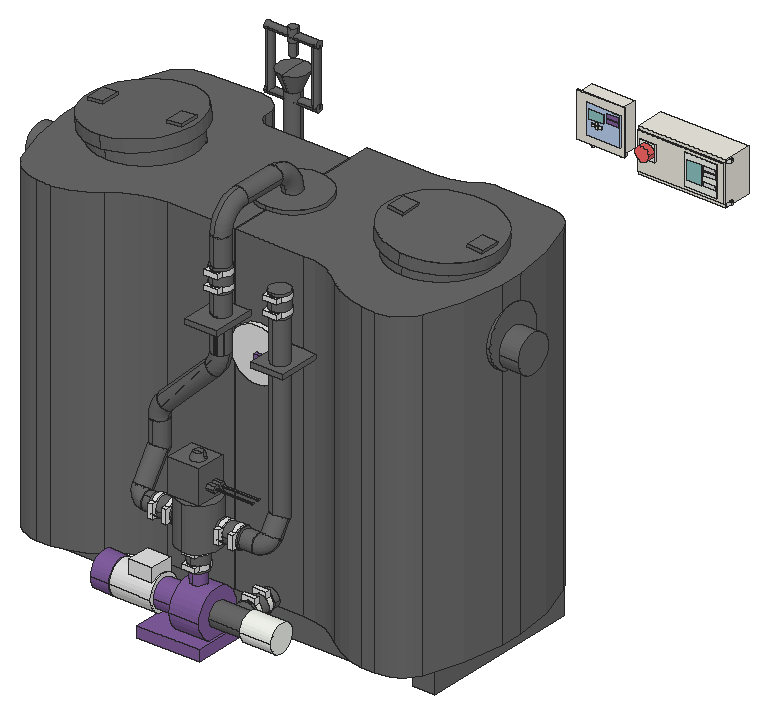
Revit family "93007.02_pvs 0", category Generic Models, Revit 2021
Family settings
  Can host rebar = No
  Round Connector Dimension = Use Diameter
  Part Type = Normal
  Work Plane-Based = No
  Always vertical = Yes
  Cut with Voids When Loaded = No
  Shared = Yes
  Room Calculation Point = No
Parameters (values of type "93007.02_PVS")
  SUPPLIER = "KESSEL"
  SA810ID06 = "4026092065099"
  SA810ID03 = "93007.02/PVS"
  SA71009ID06 = 3000 W
  SA71009ID05 = 3600 W
  SA71009ID04 = 1
  SA700ID17 = 1255 mm
  SA700ID14 = "ohne Angabe"
  SA700ID13 = 70 mm
  SA700ID09 = 1678 mm
  SA700ID08 = 940 mm
  SA700ID07 = 1910 mm
  SA700ID06 = 700
  SA700ID05 = 7
  SA700ID04 = "Grease separator EasyClean free NS 7, Auto Mix & Pump, SonicControl"
  SA500ID03 = "Sludge trap, integrated"
  SA400ID03 = "PE (Polyethylen)"
  SA250ID03 = "temperierte Umhausung"
  SA200ID03 = "free-standing set-up"
  SA100ID04 = "Abscheideranlage für Fette (Schlammfang und Fettabscheider)"
  PROCUREWEBLINK = "https://p.caden.as/kessel/93007.02%2FPVS"
  PROCURELINK = "p.caden.as/kessel/93007.02%2FPVS"
  PROCUREDATALASTUPDATE = "2024-05-22T12:17:54.085291152+01:00"
  PRC_SPECIFICATIONLINK = "https://ausschreiben.de/catalog/kessel/catalogItem/8548ff3d-fa25-442b-86f9-09fef18a81e7"
  NN = "EasyClean, Auto Mix & Pump grease separator"
  NBSYN = "$SA810ID03. $LODLEVEL."
  NB = "93007.02/PVS 0"
  Model = "93007.02/PVS"
  Manufacturer = "KESSEL"
  MIdent = "{$CADENAS_DATA/23d-libs/kessel/kessel_vdi_import/40/abscheideranlage20fuer20fette/easyclean_free_auto_mix_pump.prj},230 {STYP=ASS},{VTYP=3D},{NB=93007.02/PVS 0},{LINA=93007.02/PVS},{NN=EasyClean, Auto Mix & Pump grease separator},{DATE=20.12.2022 10:10:54},{GEOMDATE=17.11.2022 09:57:06},{VERSION=},{LINEID=80},{WBVAR=LODLEVEL},{WBNUMERIC=LODLEVEL}  {NB=93007.02/PVS 0},{LINA=93007.02/PVS},{KT=DUMMY},{PREVIEW=../../bilder/ksb_w_9300702pvs.png},{SA700ID04=Fettabscheider EasyClean free NS 7, Auto Mix & Pump, SonicControl},{SA810ID06=4026092065099},{SA010ID04=KESSEL AG},{SA810ID03=93007.02/PVS},{SA100ID04=Abscheideranlage für Fette (Schlammfang und Fettabscheider)},{SA200ID03=Freiaufstellung},{SA400ID03=PE (Polyethylen)},{SA500ID03=Schlammfang integriert},{SA700ID05=7.00},{SA700ID06=700},{SA71009ID04=1},{SA71009ID05=3.60},{SA71009ID06=3.00},{SA250ID03=temperierte Umhausung},{SA700ID07=1910},{SA700ID09=1678},{SA700ID13=70},{SA700ID17=1255},{SA700ID08=940},{SA810ID10=\\\"Der Abscheider für fetthaltiges Abwasser ist für die freie Aufstellung in frostgeschützten Räumen geeignet und verzichtet auf metallische Bauteile im Behälter. Der Sammelbehälter aus dauerhaft beständigem Kunststoff (PE) ist mit einem integrierten Schlammfang ausgestattet und besitzt ein konisch zulaufendes Bodenteil für eine schnelle und saubere Entsorgung. Zwei geruchsdichte Deckel mit Schnellspannverschlüssen ermöglichen einen einfachen Zugang für Reinigungs- und Wartungsarbeiten.Das innovative Schredder-Mix-System mit integriertem Zerhacker übernimmt die Homogenisierung und Umwälzung des Behälterinhaltes. Die Reinigung und geruchsneutrale Entsorgung erfolgt dabei über eine außenliegende Pumpe mit 2-Wege-Ventil und Stellmotor, die mit einem Absperrschieber vom Behälter getrennt werden kann.Der vollautomatische Programmablauf wird durch ein anwenderfreundliches Schaltgerät mit mehrzeiliger Displayanzeige gesteuert, das über einen potentialfreien Kontakt in die Gebäudeleittechnik eingebunden werden kann. Über eine optional erhältliche Fernbedienung kann die Reinigung und Entsorgung von einer entfernten Stelle aus gestartet werden.Durch das individualisierbare Reinigungsprogramm mit Schnellwahlfunktion kann die Reinigung bedarfsgerecht an die örtlichen Gegebenheiten angepasst werden. Nach der Entsorgung sind nur noch max. 3 Liter Schlammrestvolumen im Behälter vorhanden. Mithilfe einer vollautomatisierten Spülung der Trinkwasserleitungen kann die Einhaltung der Trinkwasser-Hygiene-Verordnung gewährleistet werden.Gewährleistung auf den Werkstoff PE 20 Jahre.Ausführung:Absperreinrichtung: jaEntsorgungsart: automatisches Entsorgungs- und ReinigungssystemEntsorgungseinrichtung: EntsorgungspumpeEntsorgungsvariante: Auto Mix & PumpFülleinrichtung nach DIN 1988: jaNenngröße (NS): 7Schauglas: jaSchredder-Mix-System: jaSonicControl: jaWasserversorgung: 2 Magnetventile 1\\\"\\\"Tragfähigkeit (DIN 19901): F3Lieferumfang: Storz-B-Kupplung R 2 1/2 \\\"\\\" für SaugwagenanschlussEinbausituation: freie AufstellungAllgemeine Merkmale:Material: PENorm: EN 1825: 2004, DIN 4040-100Abmessungen:Aufstellfläche Länge: 2.147 mmAufstellfläche Breite: 1.108 mmAufstellfläche Höhe: 1.892 mmEinbringmaß Länge: 1.910 mmEinbringmaß Breite: 940 mmEinbringmaß Höhe: 1.678 mmBehälter/Grundkörper:Zulauf Nennweite (DN): 150 mmZulauf Nennweite (DA): 160 mmAuslauf Nennweite (DN): 150Auslauf Nennweite (DA): 160Abstand Rohrsohle Zulauf zu Behälterboden: 1.255 mmAbstand Rohrsohle Auslauf zu Behälterboden: 1.185 mmAnschluss Zu-/Auslaufstutzen: PE-HD-Rohre nach DIN 19537, HT-Rohre nach DIN 19560, PP oder ASDruckabgang (DA): 75 mmDruckabgang (DN): 65 mmNenndruck (PN): 10Abdeckungsmerkmale:Abdeckungsart: DeckelAbdeckung Material: KunststoffAbdeckung Farbe: violettDichtheit: geruchsdichtVerriegelung: SchnellspannverschlussAbwasserinhalt:Abscheiderinhalt: 650 lGesamtvolumen: 1.350 lSchlammfanginhalt: 700 lSpeichermenge an Fett: 280 lFördereinrichtung:Pumpe: SPF 300 KE 2.0Anzahl Pumpen: 1Förderhöhe max.: 17 mFörderleistung max.: 60 m3/hBetriebsspannung: 400 VNetzfrequenz: 50 HzBetriebsart: S2 - 30 Min.Leistung P1: 3,6 kWLeistung P2: 3 kWDrehzahl: 2.850 U/minErforderliche Absicherung (Leitungsschutz): Absicherung über Schaltgerät 400 VFörderguttemperatur (dauerhaft) max.: 40 °CAnschlusstyp: DirektanschlussGewicht: 44 kgLaufrad Typ: Radiallaufrad mit ZerhackerLänge Netzanschlussleitung Pumpe: 5 mNennstrom: 6,2 ASchutzart Pumpe: IP 55Schutzklasse: ITyp Anschlussleitung Pumpe: H07RN-F 7G 1,5 mm2Temperaturüberwachung: integriertSteuerung:Schaltgerät: jaBetriebsspannung: 400 VNetzfrequenz: 50 HzSelbstdiagnosesystem (SDS): jaBatteriepufferung: neinMehrzeilige Displayanzeige: jaLogbuchfunktion: jaUSB-Schnittstelle: jaGSM-Schnittstelle: neinPotentialfreier Kontakt: jaErforderliche Absicherung (Leitungsschutz): C 16 AErforderliche Absicherung (RCD): 30 mAMotorschutz Schalter: jaSchutzart Schaltgerät: IP 54\\\"},{SA700ID14=ohne Angabe},{LODLEVEL=0},{CATEGORY3AA=EasyClean free Auto Mix & Pump},{CATEGORY3AB=},{CATEGORY3AC=},{CATEGORY3AD=},{CATEGORY3AE=},{CATEGORY3AF=},{BEZEICHNUNG=},{BREITE=0.0},{TIEFE=MIN},{HOEHE=MIN},{MASSE=MIN},{LOD_=0,'Low'},{LOD_DEU=0,'Low'},{LOD_3DB=93007.02/PVS_0},{DNIN1=150},{DNIN2=10},{DNIN3=10},{DNIN4=10},{DNIN5=10},{DNIN6=10},{DNIN7=MIN},{DNOUT1=150},{DNOUT2=50},{ISD=80},{ISD2=10},{SA960ID03=87},{SA960ID04=3L},{SA960ID08=http://www.kessel.de/info?han=93007.02/PVS},{SA010ID01=010},{SA010ID02=40},{SA010ID06=www.kessel.de},{SA010ID08=4026092000007},{SA100ID01=100},{SA100ID02=1},{SA740ID01=740},{SA200ID01=200},{SA200ID02=1},{SA250ID01=250},{SA250ID02=1},{SA400ID01=400},{SA400ID02=1},{SA500ID01=500},{SA500ID02=1},{SA700ID01=700},{SA700ID02=87},{SA700ID14_=0},{SA71009ID01=710.09},{SA71009ID02=1},{SA71009ID03=SPF 300 KE 2.0},{SA71009ID07=IP55},{SA71009ID08=1},{SA71009ID09=1},{SA71009ID10=60},{SA71009ID11=17},{SA810ID01=810},{SA810ID02=87},{SA810ID04=93007.02/PVS},{SA810ID07=87},{SA810ID14=PCE},{LINK=http://www.kessel.de/info?han=93007.02/PVS},{LINK_=http://www.kessel.de/info?han=93007.02/PVS},{LINK_DEU=http://www.kessel.de/info?han=93007.02/PVS}"
  LINK = "http://www.kessel.de/info?han=93007.02/PVS"
  LINA = "93007.02/PVS"
  Default Elevation = 0 mm
  CREATOR = "CADENAS GmbH"
  CATALOG = "KESSEL"
  BOMINFO = "LINA"
  ARTICLENO = "NB"
Reference planes
  plane 1 "Center (Front/Back)": y = 0
  plane 2: z = 0
  plane 3 "Center (Left/Right)": x = 0
Forms (mm)
  Extrusion 1, void
    sketch origin (-212, -514.5, 248.5) x (0, -1, 0) y (-1, 0, 0)
      loop
        line (-0.5, 0.5) -> (-0.5, -0.5) -> (0.5, -0.5) -> (0.5, 0.5) -> (-0.5, 0.5)
    from 0 to 1
Dimensions and locks
  locked: plane 2 to Extrusion 1 at 247.5
  locked: plane 2 to Extrusion 1 at 248.5
  aligned and locked: level to plane 2
Nested families
  nested 1: "93007.02_pvs 0_content" at (0, 0, 0), type "93007.02_PVS 0_Content"
  nested 2: "93007.02_pvs 0_part1_X0Y0" at (1000, 1000, 1500), type "93007.02_PVS_PART1_X0Y0"
  nested 3: "93007.02_pvs 0_part2_X0Y0" at (600, 1000, 1500), type "93007.02_PVS_PART2_X0Y0"
  nested 4: "93007.02_pvs 0_part3_X0Y0" at (0, 0, 0), type "93007.02_PVS_PART3_X0Y0"
Connectors
  electrical at (859.25, 933.5, 1478)
    settings: on nested 2, index 1, voltage 230 V, apparent load 0 VA, apparent load phase1 0 VA, apparent load phase2 0 VA, apparent load phase3 0 VA, power factor 1, load classification "Other", number of poles 3, system type 31, power factor state 1, is connector primary yes, connector utility no, sub classification motor no, connector description ""
  electrical at (536, 972.5, 1469)
    settings: on nested 3, index 2, voltage 0 V, apparent load 0 VA, apparent load phase1 0 VA, apparent load phase2 0 VA, apparent load phase3 0 VA, power factor 1, load classification "Other", number of poles 1, system type 31, power factor state 1, is connector primary no, connector utility no, sub classification motor no, connector description ""
  piping at (-1103.29, 0, 1336), diameter 150
    settings: on nested 4, index 3, connector inside diameter 609.6 mm, connector length 0 mm, flow factor 0, pipe flow 0.0 L/s, pressure drop 0.0 Pa, fitting loss kfactor 0, connector angle 0.00°, fixture units 0, engagement length 0 mm, angle of deflection 0.00°, flow configuration 0, flow direction 1, fitting loss method 2, system type 8, joint type 0, gender type 0, connector reference index -1, connector utility 0, adjustable connector no, is connector primary yes, connector description ""
  piping at (-306, 386, 1897.9), diameter 10
    settings: on nested 4, index 4, connector inside diameter 609.6 mm, connector length 0 mm, flow factor 0, pipe flow 0.0 L/s, pressure drop 0.0 Pa, fitting loss kfactor 0, connector angle 0.00°, fixture units 0, engagement length 0 mm, angle of deflection 0.00°, flow configuration 0, flow direction 1, fitting loss method 2, system type 8, joint type 0, gender type 0, connector reference index -1, connector utility 0, adjustable connector no, is connector primary no, connector description ""
  piping at (1050.38, 0, 1265), diameter 150
    settings: on nested 4, index 5, connector inside diameter 609.6 mm, connector length 0 mm, flow factor 0, pipe flow 0.0 L/s, pressure drop 0.0 Pa, fitting loss kfactor 0, connector angle 0.00°, fixture units 0, engagement length 0 mm, angle of deflection 0.00°, flow configuration 0, flow direction 2, fitting loss method 2, system type 7, joint type 0, gender type 0, connector reference index -1, connector utility 0, adjustable connector no, is connector primary no, connector description ""
  piping at (290, -432.5, 1442), diameter 50
    settings: on nested 4, index 6, connector inside diameter 609.6 mm, connector length 0 mm, flow factor 0, pipe flow 0.0 L/s, pressure drop 0.0 Pa, fitting loss kfactor 0, connector angle 0.00°, fixture units 0, engagement length 0 mm, angle of deflection 0.00°, flow configuration 0, flow direction 2, fitting loss method 2, system type 7, joint type 0, gender type 0, connector reference index -1, connector utility 0, adjustable connector no, is connector primary no, connector description ""
  electrical at (-212, -514.5, 248.5)
    settings: on Extrusion 1, index 7, voltage 0 V, apparent load 0 VA, apparent load phase1 0 VA, apparent load phase2 0 VA, apparent load phase3 0 VA, power factor 1, load classification "Other", number of poles 1, system type 31, power factor state 1, is connector primary no, connector utility no, sub classification motor no, connector description ""
Definition of nested family "93007.02_pvs 0_part1_X0Y0"
  Parameters (values of type "93007.02_PVS_PART1_X0Y0")
    SUPPLIER = "KESSEL"
    SA810ID06 = "4026092065099"
    SA810ID03 = "93007.02/PVS"
    SA71009ID06 = 3000 W
    SA71009ID05 = 3600 W
    SA71009ID04 = 1
    SA700ID17 = 1255 mm
    SA700ID14 = "ohne Angabe"
    SA700ID13 = 70 mm
    SA700ID09 = 1678 mm
    SA700ID08 = 940 mm
    SA700ID07 = 1910 mm
    SA700ID06 = 700
    SA700ID05 = 7
    SA700ID04 = "Grease separator EasyClean free NS 7, Auto Mix & Pump, SonicControl"
    SA500ID03 = "Sludge trap, integrated"
    SA400ID03 = "PE (Polyethylen)"
    SA250ID03 = "temperierte Umhausung"
    SA200ID03 = "free-standing set-up"
    SA100ID04 = "Abscheideranlage für Fette (Schlammfang und Fettabscheider)"
    NBSYN = "$SA810ID03. $LODLEVEL._PART1"
    NB = "93007.02/PVS 0_PART1"
    Model = "93007.02/PVS_PART1"
    Manufacturer = "KESSEL"
    MIdent = "{$CADENAS_DATA/23d-libs/kessel/kessel_vdi_import/40/abscheideranlage20fuer20fette/easyclean_free_auto_mix_pump.prj},250 {VTYP=3D},{NB=93007.02/PVS 0_PART1},{LINA=93007.02/PVS_PART1},{NN=EasyClean, Auto Mix & Pump grease separator_PART1},{NOPRJ=TRUE},{DATE=20.12.2022 10:10:54},{GEOMDATE=17.11.2022 09:57:06},{VERSION=},{LINEID=80},{WBVAR=LODLEVEL},{WBNUMERIC=LODLEVEL}  {NB=93007.02/PVS 0_PART1},{LINA=93007.02/PVS_PART1},{KT=DUMMY},{PREVIEW=../../bilder/ksb_w_9300702pvs.png},{SA700ID04=Fettabscheider EasyClean free NS 7, Auto Mix & Pump, SonicControl},{SA810ID06=4026092065099},{SA010ID04=KESSEL AG},{SA810ID03=93007.02/PVS},{SA100ID04=Abscheideranlage für Fette (Schlammfang und Fettabscheider)},{SA200ID03=Freiaufstellung},{SA400ID03=PE (Polyethylen)},{SA500ID03=Schlammfang integriert},{SA700ID05=7.00},{SA700ID06=700},{SA71009ID04=1},{SA71009ID05=3.60},{SA71009ID06=3.00},{SA250ID03=temperierte Umhausung},{SA700ID07=1910},{SA700ID09=1678},{SA700ID13=70},{SA700ID17=1255},{SA700ID08=940},{SA810ID10=\\\"Der Abscheider für fetthaltiges Abwasser ist für die freie Aufstellung in frostgeschützten Räumen geeignet und verzichtet auf metallische Bauteile im Behälter. Der Sammelbehälter aus dauerhaft beständigem Kunststoff (PE) ist mit einem integrierten Schlammfang ausgestattet und besitzt ein konisch zulaufendes Bodenteil für eine schnelle und saubere Entsorgung. Zwei geruchsdichte Deckel mit Schnellspannverschlüssen ermöglichen einen einfachen Zugang für Reinigungs- und Wartungsarbeiten.Das innovative Schredder-Mix-System mit integriertem Zerhacker übernimmt die Homogenisierung und Umwälzung des Behälterinhaltes. Die Reinigung und geruchsneutrale Entsorgung erfolgt dabei über eine außenliegende Pumpe mit 2-Wege-Ventil und Stellmotor, die mit einem Absperrschieber vom Behälter getrennt werden kann.Der vollautomatische Programmablauf wird durch ein anwenderfreundliches Schaltgerät mit mehrzeiliger Displayanzeige gesteuert, das über einen potentialfreien Kontakt in die Gebäudeleittechnik eingebunden werden kann. Über eine optional erhältliche Fernbedienung kann die Reinigung und Entsorgung von einer entfernten Stelle aus gestartet werden.Durch das individualisierbare Reinigungsprogramm mit Schnellwahlfunktion kann die Reinigung bedarfsgerecht an die örtlichen Gegebenheiten angepasst werden. Nach der Entsorgung sind nur noch max. 3 Liter Schlammrestvolumen im Behälter vorhanden. Mithilfe einer vollautomatisierten Spülung der Trinkwasserleitungen kann die Einhaltung der Trinkwasser-Hygiene-Verordnung gewährleistet werden.Gewährleistung auf den Werkstoff PE 20 Jahre.Ausführung:Absperreinrichtung: jaEntsorgungsart: automatisches Entsorgungs- und ReinigungssystemEntsorgungseinrichtung: EntsorgungspumpeEntsorgungsvariante: Auto Mix & PumpFülleinrichtung nach DIN 1988: jaNenngröße (NS): 7Schauglas: jaSchredder-Mix-System: jaSonicControl: jaWasserversorgung: 2 Magnetventile 1\\\"\\\"Tragfähigkeit (DIN 19901): F3Lieferumfang: Storz-B-Kupplung R 2 1/2 \\\"\\\" für SaugwagenanschlussEinbausituation: freie AufstellungAllgemeine Merkmale:Material: PENorm: EN 1825: 2004, DIN 4040-100Abmessungen:Aufstellfläche Länge: 2.147 mmAufstellfläche Breite: 1.108 mmAufstellfläche Höhe: 1.892 mmEinbringmaß Länge: 1.910 mmEinbringmaß Breite: 940 mmEinbringmaß Höhe: 1.678 mmBehälter/Grundkörper:Zulauf Nennweite (DN): 150 mmZulauf Nennweite (DA): 160 mmAuslauf Nennweite (DN): 150Auslauf Nennweite (DA): 160Abstand Rohrsohle Zulauf zu Behälterboden: 1.255 mmAbstand Rohrsohle Auslauf zu Behälterboden: 1.185 mmAnschluss Zu-/Auslaufstutzen: PE-HD-Rohre nach DIN 19537, HT-Rohre nach DIN 19560, PP oder ASDruckabgang (DA): 75 mmDruckabgang (DN): 65 mmNenndruck (PN): 10Abdeckungsmerkmale:Abdeckungsart: DeckelAbdeckung Material: KunststoffAbdeckung Farbe: violettDichtheit: geruchsdichtVerriegelung: SchnellspannverschlussAbwasserinhalt:Abscheiderinhalt: 650 lGesamtvolumen: 1.350 lSchlammfanginhalt: 700 lSpeichermenge an Fett: 280 lFördereinrichtung:Pumpe: SPF 300 KE 2.0Anzahl Pumpen: 1Förderhöhe max.: 17 mFörderleistung max.: 60 m3/hBetriebsspannung: 400 VNetzfrequenz: 50 HzBetriebsart: S2 - 30 Min.Leistung P1: 3,6 kWLeistung P2: 3 kWDrehzahl: 2.850 U/minErforderliche Absicherung (Leitungsschutz): Absicherung über Schaltgerät 400 VFörderguttemperatur (dauerhaft) max.: 40 °CAnschlusstyp: DirektanschlussGewicht: 44 kgLaufrad Typ: Radiallaufrad mit ZerhackerLänge Netzanschlussleitung Pumpe: 5 mNennstrom: 6,2 ASchutzart Pumpe: IP 55Schutzklasse: ITyp Anschlussleitung Pumpe: H07RN-F 7G 1,5 mm2Temperaturüberwachung: integriertSteuerung:Schaltgerät: jaBetriebsspannung: 400 VNetzfrequenz: 50 HzSelbstdiagnosesystem (SDS): jaBatteriepufferung: neinMehrzeilige Displayanzeige: jaLogbuchfunktion: jaUSB-Schnittstelle: jaGSM-Schnittstelle: neinPotentialfreier Kontakt: jaErforderliche Absicherung (Leitungsschutz): C 16 AErforderliche Absicherung (RCD): 30 mAMotorschutz Schalter: jaSchutzart Schaltgerät: IP 54\\\"},{SA700ID14=ohne Angabe},{LODLEVEL=0},{CATEGORY3AA=EasyClean free Auto Mix & Pump},{CATEGORY3AB=},{CATEGORY3AC=},{CATEGORY3AD=},{CATEGORY3AE=},{CATEGORY3AF=},{BEZEICHNUNG=},{BREITE=0.0},{TIEFE=MIN},{HOEHE=MIN},{MASSE=MIN},{LOD_=0,'Low'},{LOD_DEU=0,'Low'},{LOD_3DB=93007.02/PVS_0},{DNIN1=150},{DNIN2=10},{DNIN3=10},{DNIN4=10},{DNIN5=10},{DNIN6=10},{DNIN7=MIN},{DNOUT1=150},{DNOUT2=50},{ISD=80},{ISD2=10},{SA960ID03=87},{SA960ID04=3L},{SA960ID08=http://www.kessel.de/info?han=93007.02/PVS},{SA010ID01=010},{SA010ID02=40},{SA010ID06=www.kessel.de},{SA010ID08=4026092000007},{SA100ID01=100},{SA100ID02=1},{SA740ID01=740},{SA200ID01=200},{SA200ID02=1},{SA250ID01=250},{SA250ID02=1},{SA400ID01=400},{SA400ID02=1},{SA500ID01=500},{SA500ID02=1},{SA700ID01=700},{SA700ID02=87},{SA700ID14_=0},{SA71009ID01=710.09},{SA71009ID02=1},{SA71009ID03=SPF 300 KE 2.0},{SA71009ID07=IP55},{SA71009ID08=1},{SA71009ID09=1},{SA71009ID10=60},{SA71009ID11=17},{SA810ID01=810},{SA810ID02=87},{SA810ID04=93007.02/PVS},{SA810ID07=87},{SA810ID14=PCE},{LINK=http://www.kessel.de/info?han=93007.02/PVS},{LINK_=http://www.kessel.de/info?han=93007.02/PVS},{LINK_DEU=http://www.kessel.de/info?han=93007.02/PVS}"
    LINK = "http://www.kessel.de/info?han=93007.02/PVS"
    LINA = "93007.02/PVS_PART1"
    Default Elevation = 1219.2 mm
    CREATOR = "CADENAS GmbH"
    CATALOG = "KESSEL"
    BOMINFO = "LINA"
    ARTICLENO = "NB"
  Reference planes
    plane 1 "Center (Front/Back)": y = 0
    plane 2: z = 0
    plane 3 "Center (Left/Right)": x = 0
  Dimensions and locks
    aligned and locked: level to plane 2
  Nested families
    nested 1: "93007.02_pvs 0_part1_content" at (0, 0, 0), type "93007.02_PVS 0_PART1_Content"
  Definition of nested family "93007.02_pvs 0_part1_content"
    Parameters (values of type "93007.02_PVS 0_PART1_Content")
      SUPPLIER = "KESSEL"
      SA810ID06 = "4026092065099"
      SA810ID03 = "93007.02/PVS"
      SA71009ID06 = 3000 W
      SA71009ID05 = 3600 W
      SA71009ID04 = 1
      SA700ID17 = 1255 mm
      SA700ID14 = "ohne Angabe"
      SA700ID13 = 70 mm
      SA700ID09 = 1678 mm
      SA700ID08 = 940 mm
      SA700ID07 = 1910 mm
      SA700ID06 = 700
      SA700ID05 = 7
      SA700ID04 = "Grease separator EasyClean free NS 7, Auto Mix & Pump, SonicControl"
      SA500ID03 = "Sludge trap, integrated"
      SA400ID03 = "PE (Polyethylen)"
      SA250ID03 = "temperierte Umhausung"
      SA200ID03 = "free-standing set-up"
      SA100ID04 = "Abscheideranlage für Fette (Schlammfang und Fettabscheider)"
      NBSYN = "$SA810ID03. $LODLEVEL._PART1"
      NB = "93007.02/PVS 0_PART1"
      Model = "93007.02/PVS_PART1"
      Manufacturer = "KESSEL"
      LINK = "http://www.kessel.de/info?han=93007.02/PVS"
      LINA = "93007.02/PVS_PART1"
      Default Elevation = 1219.2 mm
      CREATOR = "CADENAS GmbH"
      CATALOG = "KESSEL"
      BOMINFO = "LINA"
      ARTICLENO = "NB"
    Reference planes
      plane 1 "Center (Front/Back)": y = 0
      plane 2: z = 0
      plane 3 "Center (Left/Right)": x = 0
    Forms (mm)
      Extrusion 1, solid, detail levels medium+fine
        sketch origin (190.25, 0, 0) x (0, -1, 0) y (0, 0, 1)
          loop
            line (0, 188) -> (0, 0) -> (122.5, 0) -> (122.5, 188) -> (0, 188)
        from 0 to 380.5
      Extrusion 2, solid, detail levels medium+fine
        sketch origin (186.25, -122.5, 14) x (0, -1, 0) y (0, 0, 1)
          loop
            line (0, 160) -> (0, 0) -> (5, 0) -> (5, 160) -> (0, 160)
        from 0 to 376.5
      Extrusion 3, solid, detail levels medium+fine
        sketch origin (156.25, -127.5, 24.5) x (0, -1, 0) y (0, 0, 1)
          loop
            line (-1.4, 0) -> (0.2, 0) -> (0.2, 135) -> (-1.4, 135) -> (-1.4, 0)
        from 0 to 140
      Extrusion 4, solid, detail levels medium+fine
        sketch origin (88.75, -127.7, 53.5) x (0, -1, 0) y (0, 0, 1)
          loop
            line (-1.5, 79) -> (-1.5, 0) -> (0.1, 0) -> (0.1, 79) -> (-1.5, 79)
        from 0 to 65
      Extrusion 5, solid, detail levels medium+fine
        sketch origin (148.75, -127.7, 95.5) x (0, -1, 0) y (0, 0, 1)
          loop
            line (-1.5, 16) -> (-1.5, 0) -> (0.1, 0) -> (0.1, 16) -> (-1.5, 16)
        from 0 to 51
      Extrusion 6, solid, detail levels medium+fine
        sketch origin (148.75, -127.7, 53.5) x (0, -1, 0) y (0, 0, 1)
          loop
            line (-1.5, 16) -> (-1.5, 0) -> (0.1, 0) -> (0.1, 16) -> (-1.5, 16)
        from 0 to 51
      Extrusion 7, solid, detail levels medium+fine
        sketch origin (148.75, -127.7, 116.5) x (0, -1, 0) y (0, 0, 1)
          loop
            line (-1.5, 16) -> (-1.5, 0) -> (0.1, 0) -> (0.1, 16) -> (-1.5, 16)
        from 0 to 51
      Extrusion 8, solid, detail levels medium+fine
        sketch origin (9.25, -66.5, 1.5) x (0.866025, 0.5, 0) y (0.5, -0.866025, 0)
          loop
            circle (0, 0) r 10
        from 0 to 2.5
      Extrusion 9, solid, detail levels medium+fine
        sketch origin (-20.75, -66.5, 1.5) x (0.866025, 0.5, 0) y (0.5, -0.866025, 0)
          loop
            circle (0, 0) r 10
        from 0 to 2.5
      Extrusion 10, solid, detail levels medium+fine
        sketch origin (39.25, -66.5, 1.5) x (0.866025, 0.5, 0) y (0.5, -0.866025, 0)
          loop
            circle (0, 0) r 10
        from 0 to 2.5
      Extrusion 11, solid, detail levels medium+fine
        sketch origin (-50.75, -66.5, 1.5) x (0.866025, 0.5, 0) y (0.5, -0.866025, 0)
          loop
            circle (0, 0) r 10
        from 0 to 2.5
      Extrusion 12, solid, detail levels medium+fine
        sketch origin (69.25, -66.5, 1.5) x (0.866025, 0.5, 0) y (0.5, -0.866025, 0)
          loop
            circle (0, 0) r 10
        from 0 to 2.5
      Extrusion 13, solid, detail levels medium+fine
        sketch origin (99.25, -66.5, 1.5) x (0.866025, 0.5, 0) y (0.5, -0.866025, 0)
          loop
            circle (0, 0) r 10
        from 0 to 2.5
      Extrusion 14, solid, detail levels medium+fine
        sketch origin (-95.75, -66.5, 0) x (0.866025, 0.5, 0) y (0.5, -0.866025, 0)
          loop
            line (0, 17.321) -> (-15, 8.66) -> (-15, -8.66) -> (0, -17.321) -> (15, -8.66) -> (15, 8.66) -> (0, 17.321)
        from 0 to 22
      Extrusion 15, solid, detail levels medium+fine
        sketch origin (-140.75, -66.5, 0) x (0.866025, 0.5, 0) y (0.5, -0.866025, 0)
          loop
            line (0, 17.321) -> (-15, 8.66) -> (-15, -8.66) -> (0, -17.321) -> (15, -8.66) -> (15, 8.66) -> (0, 17.321)
        from 0 to 22
      Extrusion 16, solid, detail levels medium+fine
        sketch origin (-110.25, -127.5, 76.5) x (0, -1, 0) y (0, 0, 1)
          loop
            line (0, 67) -> (0, 0) -> (7, 0) -> (7, 67) -> (0, 67)
        from 0 to 67
      Extrusion 17, solid, detail levels medium+fine
        sketch origin (-143.75, -134.5, 110) x (1, 0, 0) y (0, 0, 1)
          loop
            circle (0, 0) r 29.5
        from 0 to 29
      Extrusion 18, solid, detail levels medium+fine
        sketch origin (129.25, -66.5, 1.5) x (0.866025, 0.5, 0) y (0.5, -0.866025, 0)
          loop
            circle (0, 0) r 10
        from 0 to 2.5
      Extrusion 19, solid, detail levels medium+fine
        sketch origin (-179.25, 0, 177) x (-1, 0, 0) y (0, 0, 1)
          loop
            circle (0, 0) r 7.5
        from 0 to 2
      Extrusion 20, solid, detail levels medium+fine
        sketch origin (-179.25, 0, 11) x (-1, 0, 0) y (0, 0, 1)
          loop
            circle (0, 0) r 7.5
        from 0 to 2
      Extrusion 21, solid, detail levels medium+fine
        sketch origin (179.25, 0, 11) x (-1, 0, 0) y (0, 0, 1)
          loop
            circle (0, 0) r 7.5
        from 0 to 2
      Extrusion 22, solid, detail levels medium+fine
        sketch origin (179.25, 0, 177) x (-1, 0, 0) y (0, 0, 1)
          loop
            circle (0, 0) r 7.5
        from 0 to 2
      Extrusion 23, solid, detail levels medium+fine
        sketch origin (194.75, -100.5, 170) x (-1, 0, 0) y (0, -1, 0)
          loop
            circle (0, 0) r 5
        from 0 to 14
      Extrusion 24, solid, detail levels medium+fine
        sketch origin (190.25, -100.5, 170) x (0, -1, 0) y (1, 0, 0)
          loop
            line (0, 9.5) -> (0, 0) -> (20, 0) -> (0, 9.5)
        from 0 to 14
      Extrusion 25, solid, detail levels medium+fine
        sketch origin (194.75, -100.5, 4) x (-1, 0, 0) y (0, -1, 0)
          loop
            circle (0, 0) r 5
        from 0 to 14
      Extrusion 26, solid, detail levels medium+fine
        sketch origin (190.25, -100.5, 4) x (0, -1, 0) y (1, 0, 0)
          loop
            line (0, 9.5) -> (0, 0) -> (20, 0) -> (0, 9.5)
        from 0 to 14
      Extrusion 27, solid, detail levels coarse
        sketch origin (4.75, -80.75, -22) x (1, 0, 0) y (0, 1, 0)
          loop
            line (-195, -82.75) -> (195, -82.75) -> (195, 82.75) -> (-195, 82.75) -> (-195, -82.75)
        from 0 to 210
    Dimensions and locks
      aligned and locked: level to plane 2
Definition of nested family "93007.02_pvs 0_part2_X0Y0"
  Parameters (values of type "93007.02_PVS_PART2_X0Y0")
    SUPPLIER = "KESSEL"
    SA810ID06 = "4026092065099"
    SA810ID03 = "93007.02/PVS"
    SA71009ID06 = 3000 W
    SA71009ID05 = 3600 W
    SA71009ID04 = 1
    SA700ID17 = 1255 mm
    SA700ID14 = "ohne Angabe"
    SA700ID13 = 70 mm
    SA700ID09 = 1678 mm
    SA700ID08 = 940 mm
    SA700ID07 = 1910 mm
    SA700ID06 = 700
    SA700ID05 = 7
    SA700ID04 = "Grease separator EasyClean free NS 7, Auto Mix & Pump, SonicControl"
    SA500ID03 = "Sludge trap, integrated"
    SA400ID03 = "PE (Polyethylen)"
    SA250ID03 = "temperierte Umhausung"
    SA200ID03 = "free-standing set-up"
    SA100ID04 = "Abscheideranlage für Fette (Schlammfang und Fettabscheider)"
    NBSYN = "$SA810ID03. $LODLEVEL._PART2"
    NB = "93007.02/PVS 0_PART2"
    Model = "93007.02/PVS_PART2"
    Manufacturer = "KESSEL"
    MIdent = "{$CADENAS_DATA/23d-libs/kessel/kessel_vdi_import/40/abscheideranlage20fuer20fette/easyclean_free_auto_mix_pump.prj},250 {VTYP=3D},{NB=93007.02/PVS 0_PART2},{LINA=93007.02/PVS_PART2},{NN=EasyClean, Auto Mix & Pump grease separator_PART2},{NOPRJ=TRUE},{DATE=20.12.2022 10:10:54},{GEOMDATE=17.11.2022 09:57:06},{VERSION=},{LINEID=80},{WBVAR=LODLEVEL},{WBNUMERIC=LODLEVEL}  {NB=93007.02/PVS 0_PART2},{LINA=93007.02/PVS_PART2},{KT=DUMMY},{PREVIEW=../../bilder/ksb_w_9300702pvs.png},{SA700ID04=Fettabscheider EasyClean free NS 7, Auto Mix & Pump, SonicControl},{SA810ID06=4026092065099},{SA010ID04=KESSEL AG},{SA810ID03=93007.02/PVS},{SA100ID04=Abscheideranlage für Fette (Schlammfang und Fettabscheider)},{SA200ID03=Freiaufstellung},{SA400ID03=PE (Polyethylen)},{SA500ID03=Schlammfang integriert},{SA700ID05=7.00},{SA700ID06=700},{SA71009ID04=1},{SA71009ID05=3.60},{SA71009ID06=3.00},{SA250ID03=temperierte Umhausung},{SA700ID07=1910},{SA700ID09=1678},{SA700ID13=70},{SA700ID17=1255},{SA700ID08=940},{SA810ID10=\\\"Der Abscheider für fetthaltiges Abwasser ist für die freie Aufstellung in frostgeschützten Räumen geeignet und verzichtet auf metallische Bauteile im Behälter. Der Sammelbehälter aus dauerhaft beständigem Kunststoff (PE) ist mit einem integrierten Schlammfang ausgestattet und besitzt ein konisch zulaufendes Bodenteil für eine schnelle und saubere Entsorgung. Zwei geruchsdichte Deckel mit Schnellspannverschlüssen ermöglichen einen einfachen Zugang für Reinigungs- und Wartungsarbeiten.Das innovative Schredder-Mix-System mit integriertem Zerhacker übernimmt die Homogenisierung und Umwälzung des Behälterinhaltes. Die Reinigung und geruchsneutrale Entsorgung erfolgt dabei über eine außenliegende Pumpe mit 2-Wege-Ventil und Stellmotor, die mit einem Absperrschieber vom Behälter getrennt werden kann.Der vollautomatische Programmablauf wird durch ein anwenderfreundliches Schaltgerät mit mehrzeiliger Displayanzeige gesteuert, das über einen potentialfreien Kontakt in die Gebäudeleittechnik eingebunden werden kann. Über eine optional erhältliche Fernbedienung kann die Reinigung und Entsorgung von einer entfernten Stelle aus gestartet werden.Durch das individualisierbare Reinigungsprogramm mit Schnellwahlfunktion kann die Reinigung bedarfsgerecht an die örtlichen Gegebenheiten angepasst werden. Nach der Entsorgung sind nur noch max. 3 Liter Schlammrestvolumen im Behälter vorhanden. Mithilfe einer vollautomatisierten Spülung der Trinkwasserleitungen kann die Einhaltung der Trinkwasser-Hygiene-Verordnung gewährleistet werden.Gewährleistung auf den Werkstoff PE 20 Jahre.Ausführung:Absperreinrichtung: jaEntsorgungsart: automatisches Entsorgungs- und ReinigungssystemEntsorgungseinrichtung: EntsorgungspumpeEntsorgungsvariante: Auto Mix & PumpFülleinrichtung nach DIN 1988: jaNenngröße (NS): 7Schauglas: jaSchredder-Mix-System: jaSonicControl: jaWasserversorgung: 2 Magnetventile 1\\\"\\\"Tragfähigkeit (DIN 19901): F3Lieferumfang: Storz-B-Kupplung R 2 1/2 \\\"\\\" für SaugwagenanschlussEinbausituation: freie AufstellungAllgemeine Merkmale:Material: PENorm: EN 1825: 2004, DIN 4040-100Abmessungen:Aufstellfläche Länge: 2.147 mmAufstellfläche Breite: 1.108 mmAufstellfläche Höhe: 1.892 mmEinbringmaß Länge: 1.910 mmEinbringmaß Breite: 940 mmEinbringmaß Höhe: 1.678 mmBehälter/Grundkörper:Zulauf Nennweite (DN): 150 mmZulauf Nennweite (DA): 160 mmAuslauf Nennweite (DN): 150Auslauf Nennweite (DA): 160Abstand Rohrsohle Zulauf zu Behälterboden: 1.255 mmAbstand Rohrsohle Auslauf zu Behälterboden: 1.185 mmAnschluss Zu-/Auslaufstutzen: PE-HD-Rohre nach DIN 19537, HT-Rohre nach DIN 19560, PP oder ASDruckabgang (DA): 75 mmDruckabgang (DN): 65 mmNenndruck (PN): 10Abdeckungsmerkmale:Abdeckungsart: DeckelAbdeckung Material: KunststoffAbdeckung Farbe: violettDichtheit: geruchsdichtVerriegelung: SchnellspannverschlussAbwasserinhalt:Abscheiderinhalt: 650 lGesamtvolumen: 1.350 lSchlammfanginhalt: 700 lSpeichermenge an Fett: 280 lFördereinrichtung:Pumpe: SPF 300 KE 2.0Anzahl Pumpen: 1Förderhöhe max.: 17 mFörderleistung max.: 60 m3/hBetriebsspannung: 400 VNetzfrequenz: 50 HzBetriebsart: S2 - 30 Min.Leistung P1: 3,6 kWLeistung P2: 3 kWDrehzahl: 2.850 U/minErforderliche Absicherung (Leitungsschutz): Absicherung über Schaltgerät 400 VFörderguttemperatur (dauerhaft) max.: 40 °CAnschlusstyp: DirektanschlussGewicht: 44 kgLaufrad Typ: Radiallaufrad mit ZerhackerLänge Netzanschlussleitung Pumpe: 5 mNennstrom: 6,2 ASchutzart Pumpe: IP 55Schutzklasse: ITyp Anschlussleitung Pumpe: H07RN-F 7G 1,5 mm2Temperaturüberwachung: integriertSteuerung:Schaltgerät: jaBetriebsspannung: 400 VNetzfrequenz: 50 HzSelbstdiagnosesystem (SDS): jaBatteriepufferung: neinMehrzeilige Displayanzeige: jaLogbuchfunktion: jaUSB-Schnittstelle: jaGSM-Schnittstelle: neinPotentialfreier Kontakt: jaErforderliche Absicherung (Leitungsschutz): C 16 AErforderliche Absicherung (RCD): 30 mAMotorschutz Schalter: jaSchutzart Schaltgerät: IP 54\\\"},{SA700ID14=ohne Angabe},{LODLEVEL=0},{CATEGORY3AA=EasyClean free Auto Mix & Pump},{CATEGORY3AB=},{CATEGORY3AC=},{CATEGORY3AD=},{CATEGORY3AE=},{CATEGORY3AF=},{BEZEICHNUNG=},{BREITE=0.0},{TIEFE=MIN},{HOEHE=MIN},{MASSE=MIN},{LOD_=0,'Low'},{LOD_DEU=0,'Low'},{LOD_3DB=93007.02/PVS_0},{DNIN1=150},{DNIN2=10},{DNIN3=10},{DNIN4=10},{DNIN5=10},{DNIN6=10},{DNIN7=MIN},{DNOUT1=150},{DNOUT2=50},{ISD=80},{ISD2=10},{SA960ID03=87},{SA960ID04=3L},{SA960ID08=http://www.kessel.de/info?han=93007.02/PVS},{SA010ID01=010},{SA010ID02=40},{SA010ID06=www.kessel.de},{SA010ID08=4026092000007},{SA100ID01=100},{SA100ID02=1},{SA740ID01=740},{SA200ID01=200},{SA200ID02=1},{SA250ID01=250},{SA250ID02=1},{SA400ID01=400},{SA400ID02=1},{SA500ID01=500},{SA500ID02=1},{SA700ID01=700},{SA700ID02=87},{SA700ID14_=0},{SA71009ID01=710.09},{SA71009ID02=1},{SA71009ID03=SPF 300 KE 2.0},{SA71009ID07=IP55},{SA71009ID08=1},{SA71009ID09=1},{SA71009ID10=60},{SA71009ID11=17},{SA810ID01=810},{SA810ID02=87},{SA810ID04=93007.02/PVS},{SA810ID07=87},{SA810ID14=PCE},{LINK=http://www.kessel.de/info?han=93007.02/PVS},{LINK_=http://www.kessel.de/info?han=93007.02/PVS},{LINK_DEU=http://www.kessel.de/info?han=93007.02/PVS}"
    LINK = "http://www.kessel.de/info?han=93007.02/PVS"
    LINA = "93007.02/PVS_PART2"
    Default Elevation = 1219.2 mm
    CREATOR = "CADENAS GmbH"
    CATALOG = "KESSEL"
    BOMINFO = "LINA"
    ARTICLENO = "NB"
  Reference planes
    plane 1 "Center (Front/Back)": y = 0
    plane 2: z = 0
    plane 3 "Center (Left/Right)": x = 0
  Dimensions and locks
    aligned and locked: level to plane 2
  Nested families
    nested 1: "93007.02_pvs 0_part2_content" at (0, 0, 0), type "93007.02_PVS 0_PART2_Content"
  Definition of nested family "93007.02_pvs 0_part2_content"
    Parameters (values of type "93007.02_PVS 0_PART2_Content")
      SUPPLIER = "KESSEL"
      SA810ID06 = "4026092065099"
      SA810ID03 = "93007.02/PVS"
      SA71009ID06 = 3000 W
      SA71009ID05 = 3600 W
      SA71009ID04 = 1
      SA700ID17 = 1255 mm
      SA700ID14 = "ohne Angabe"
      SA700ID13 = 70 mm
      SA700ID09 = 1678 mm
      SA700ID08 = 940 mm
      SA700ID07 = 1910 mm
      SA700ID06 = 700
      SA700ID05 = 7
      SA700ID04 = "Grease separator EasyClean free NS 7, Auto Mix & Pump, SonicControl"
      SA500ID03 = "Sludge trap, integrated"
      SA400ID03 = "PE (Polyethylen)"
      SA250ID03 = "temperierte Umhausung"
      SA200ID03 = "free-standing set-up"
      SA100ID04 = "Abscheideranlage für Fette (Schlammfang und Fettabscheider)"
      NBSYN = "$SA810ID03. $LODLEVEL._PART2"
      NB = "93007.02/PVS 0_PART2"
      Model = "93007.02/PVS_PART2"
      Manufacturer = "KESSEL"
      LINK = "http://www.kessel.de/info?han=93007.02/PVS"
      LINA = "93007.02/PVS_PART2"
      Default Elevation = 1219.2 mm
      CREATOR = "CADENAS GmbH"
      CATALOG = "KESSEL"
      BOMINFO = "LINA"
      ARTICLENO = "NB"
    Reference planes
      plane 1 "Center (Front/Back)": y = 0
      plane 2: z = 0
      plane 3 "Center (Left/Right)": x = 0
    Forms (mm)
      Extrusion 1, solid, detail levels medium+fine
        sketch origin (94, 0, 5) x (0, -1, 0) y (0, 0, 1)
          loop
            line (0, 184) -> (0, 0) -> (64.5, 0) -> (64.5, 184) -> (0, 184)
        from 0 to 188
      Extrusion 2, solid, detail levels medium+fine
        sketch origin (104, -64.5, 0) x (0, -1, 0) y (0, 0, 1)
          loop
            line (0, 194) -> (0, 0) -> (3.5, 0) -> (3.5, 194) -> (0, 194)
        from 0 to 208
      Extrusion 3, solid, detail levels medium+fine
        sketch origin (86.3, -68, 33.2) x (0, -1, 0) y (0, 0, 1)
          loop
            line (-0.5, 127) -> (-0.5, 0) -> (1, 0) -> (1, 127) -> (-0.5, 127)
        from 0 to 146
      Extrusion 4, solid, detail levels medium+fine
        sketch origin (6.8, -69, 77.2) x (0, -1, 0) y (0, 0, 1)
          loop
            line (-0.5, 12) -> (-0.5, 0) -> (1, 0) -> (1, 12) -> (-0.5, 12)
        from 0 to 12
      Extrusion 5, solid, detail levels medium+fine
        sketch origin (-9.7, -69, 85.45) x (0, -1, 0) y (0, 0, 1)
          loop
            line (-0.5, 12) -> (-0.5, 0) -> (1, 0) -> (1, 12) -> (-0.5, 12)
        from 0 to 12
      Extrusion 6, solid, detail levels medium+fine
        sketch origin (-9.7, -69, 68.95) x (0, -1, 0) y (0, 0, 1)
          loop
            line (-0.5, 12) -> (-0.5, 0) -> (1, 0) -> (1, 12) -> (-0.5, 12)
        from 0 to 12
      Extrusion 7, solid, detail levels medium+fine
        sketch origin (13.3, -69, 100.45) x (0, -1, 0) y (0, 0, 1)
          loop
            line (-0.5, 37) -> (-0.5, 0) -> (1, 0) -> (1, 37) -> (-0.5, 37)
        from 0 to 65
      Extrusion 8, solid, detail levels medium+fine
        sketch origin (78.8, -69, 110.7) x (0, -1, 0) y (0, 0, 1)
          loop
            line (-0.5, 16) -> (-0.5, 0) -> (1, 0) -> (1, 16) -> (-0.5, 16)
        from 0 to 51
      Extrusion 9, solid, detail levels medium+fine
        sketch origin (-26.2, -69, 77.2) x (0, -1, 0) y (0, 0, 1)
          loop
            line (-0.5, 12) -> (-0.5, 0) -> (1, 0) -> (1, 12) -> (-0.5, 12)
        from 0 to 12
      Extrusion 10, solid, detail levels medium+fine
        sketch origin (78.75, -69, 130.75) x (0, -1, 0) y (0, 0, 1)
          loop
            line (-0.5, 16) -> (-0.5, 0) -> (1, 0) -> (1, 16) -> (-0.5, 16)
        from 0 to 51
      Extrusion 11, solid, detail levels medium+fine
        sketch origin (-64, -27.5, 5) x (1, 0, 0) y (0, -1, 0)
          loop
            circle (0, 0) r 12
        from 0 to 26
      Extrusion 12, solid, detail levels medium+fine
        sketch origin (-64, -27.5, -21) x (1, 0, 0) y (0, -1, 0)
          loop
            circle (0, 0) r 5
        from 0 to 10
      Extrusion 13, solid, detail levels medium+fine
        sketch origin (67, -27.5, 5) x (1, 0, 0) y (0, -1, 0)
          loop
            circle (0, 0) r 12
        from 0 to 26
      Extrusion 14, solid, detail levels coarse
        sketch origin (0, -35, -31) x (1, 0, 0) y (0, 1, 0)
          loop
            line (-104, -35) -> (104, -35) -> (104, 35) -> (-104, 35) -> (-104, -35)
        from 0 to 225
    Dimensions and locks
      aligned and locked: level to plane 2
Definition of nested family "93007.02_pvs 0_part3_X0Y0"
  Parameters (values of type "93007.02_PVS_PART3_X0Y0")
    SUPPLIER = "KESSEL"
    SA810ID06 = "4026092065099"
    SA810ID03 = "93007.02/PVS"
    SA71009ID06 = 3000 W
    SA71009ID05 = 3600 W
    SA71009ID04 = 1
    SA700ID17 = 1255 mm
    SA700ID14 = "ohne Angabe"
    SA700ID13 = 70 mm
    SA700ID09 = 1678 mm
    SA700ID08 = 940 mm
    SA700ID07 = 1910 mm
    SA700ID06 = 700
    SA700ID05 = 7
    SA700ID04 = "Grease separator EasyClean free NS 7, Auto Mix & Pump, SonicControl"
    SA500ID03 = "Sludge trap, integrated"
    SA400ID03 = "PE (Polyethylen)"
    SA250ID03 = "temperierte Umhausung"
    SA200ID03 = "free-standing set-up"
    SA100ID04 = "Abscheideranlage für Fette (Schlammfang und Fettabscheider)"
    NBSYN = "$SA810ID03. $LODLEVEL._PART3"
    NB = "93007.02/PVS 0_PART3"
    Model = "93007.02/PVS_PART3"
    Manufacturer = "KESSEL"
    MIdent = "{$CADENAS_DATA/23d-libs/kessel/kessel_vdi_import/40/abscheideranlage20fuer20fette/easyclean_free_auto_mix_pump.prj},250 {VTYP=3D},{NB=93007.02/PVS 0_PART3},{LINA=93007.02/PVS_PART3},{NN=EasyClean, Auto Mix & Pump grease separator_PART3},{NOPRJ=TRUE},{DATE=20.12.2022 10:10:54},{GEOMDATE=17.11.2022 09:57:06},{VERSION=},{LINEID=80},{WBVAR=LODLEVEL},{WBNUMERIC=LODLEVEL}  {NB=93007.02/PVS 0_PART3},{LINA=93007.02/PVS_PART3},{KT=DUMMY},{PREVIEW=../../bilder/ksb_w_9300702pvs.png},{SA700ID04=Fettabscheider EasyClean free NS 7, Auto Mix & Pump, SonicControl},{SA810ID06=4026092065099},{SA010ID04=KESSEL AG},{SA810ID03=93007.02/PVS},{SA100ID04=Abscheideranlage für Fette (Schlammfang und Fettabscheider)},{SA200ID03=Freiaufstellung},{SA400ID03=PE (Polyethylen)},{SA500ID03=Schlammfang integriert},{SA700ID05=7.00},{SA700ID06=700},{SA71009ID04=1},{SA71009ID05=3.60},{SA71009ID06=3.00},{SA250ID03=temperierte Umhausung},{SA700ID07=1910},{SA700ID09=1678},{SA700ID13=70},{SA700ID17=1255},{SA700ID08=940},{SA810ID10=\\\"Der Abscheider für fetthaltiges Abwasser ist für die freie Aufstellung in frostgeschützten Räumen geeignet und verzichtet auf metallische Bauteile im Behälter. Der Sammelbehälter aus dauerhaft beständigem Kunststoff (PE) ist mit einem integrierten Schlammfang ausgestattet und besitzt ein konisch zulaufendes Bodenteil für eine schnelle und saubere Entsorgung. Zwei geruchsdichte Deckel mit Schnellspannverschlüssen ermöglichen einen einfachen Zugang für Reinigungs- und Wartungsarbeiten.Das innovative Schredder-Mix-System mit integriertem Zerhacker übernimmt die Homogenisierung und Umwälzung des Behälterinhaltes. Die Reinigung und geruchsneutrale Entsorgung erfolgt dabei über eine außenliegende Pumpe mit 2-Wege-Ventil und Stellmotor, die mit einem Absperrschieber vom Behälter getrennt werden kann.Der vollautomatische Programmablauf wird durch ein anwenderfreundliches Schaltgerät mit mehrzeiliger Displayanzeige gesteuert, das über einen potentialfreien Kontakt in die Gebäudeleittechnik eingebunden werden kann. Über eine optional erhältliche Fernbedienung kann die Reinigung und Entsorgung von einer entfernten Stelle aus gestartet werden.Durch das individualisierbare Reinigungsprogramm mit Schnellwahlfunktion kann die Reinigung bedarfsgerecht an die örtlichen Gegebenheiten angepasst werden. Nach der Entsorgung sind nur noch max. 3 Liter Schlammrestvolumen im Behälter vorhanden. Mithilfe einer vollautomatisierten Spülung der Trinkwasserleitungen kann die Einhaltung der Trinkwasser-Hygiene-Verordnung gewährleistet werden.Gewährleistung auf den Werkstoff PE 20 Jahre.Ausführung:Absperreinrichtung: jaEntsorgungsart: automatisches Entsorgungs- und ReinigungssystemEntsorgungseinrichtung: EntsorgungspumpeEntsorgungsvariante: Auto Mix & PumpFülleinrichtung nach DIN 1988: jaNenngröße (NS): 7Schauglas: jaSchredder-Mix-System: jaSonicControl: jaWasserversorgung: 2 Magnetventile 1\\\"\\\"Tragfähigkeit (DIN 19901): F3Lieferumfang: Storz-B-Kupplung R 2 1/2 \\\"\\\" für SaugwagenanschlussEinbausituation: freie AufstellungAllgemeine Merkmale:Material: PENorm: EN 1825: 2004, DIN 4040-100Abmessungen:Aufstellfläche Länge: 2.147 mmAufstellfläche Breite: 1.108 mmAufstellfläche Höhe: 1.892 mmEinbringmaß Länge: 1.910 mmEinbringmaß Breite: 940 mmEinbringmaß Höhe: 1.678 mmBehälter/Grundkörper:Zulauf Nennweite (DN): 150 mmZulauf Nennweite (DA): 160 mmAuslauf Nennweite (DN): 150Auslauf Nennweite (DA): 160Abstand Rohrsohle Zulauf zu Behälterboden: 1.255 mmAbstand Rohrsohle Auslauf zu Behälterboden: 1.185 mmAnschluss Zu-/Auslaufstutzen: PE-HD-Rohre nach DIN 19537, HT-Rohre nach DIN 19560, PP oder ASDruckabgang (DA): 75 mmDruckabgang (DN): 65 mmNenndruck (PN): 10Abdeckungsmerkmale:Abdeckungsart: DeckelAbdeckung Material: KunststoffAbdeckung Farbe: violettDichtheit: geruchsdichtVerriegelung: SchnellspannverschlussAbwasserinhalt:Abscheiderinhalt: 650 lGesamtvolumen: 1.350 lSchlammfanginhalt: 700 lSpeichermenge an Fett: 280 lFördereinrichtung:Pumpe: SPF 300 KE 2.0Anzahl Pumpen: 1Förderhöhe max.: 17 mFörderleistung max.: 60 m3/hBetriebsspannung: 400 VNetzfrequenz: 50 HzBetriebsart: S2 - 30 Min.Leistung P1: 3,6 kWLeistung P2: 3 kWDrehzahl: 2.850 U/minErforderliche Absicherung (Leitungsschutz): Absicherung über Schaltgerät 400 VFörderguttemperatur (dauerhaft) max.: 40 °CAnschlusstyp: DirektanschlussGewicht: 44 kgLaufrad Typ: Radiallaufrad mit ZerhackerLänge Netzanschlussleitung Pumpe: 5 mNennstrom: 6,2 ASchutzart Pumpe: IP 55Schutzklasse: ITyp Anschlussleitung Pumpe: H07RN-F 7G 1,5 mm2Temperaturüberwachung: integriertSteuerung:Schaltgerät: jaBetriebsspannung: 400 VNetzfrequenz: 50 HzSelbstdiagnosesystem (SDS): jaBatteriepufferung: neinMehrzeilige Displayanzeige: jaLogbuchfunktion: jaUSB-Schnittstelle: jaGSM-Schnittstelle: neinPotentialfreier Kontakt: jaErforderliche Absicherung (Leitungsschutz): C 16 AErforderliche Absicherung (RCD): 30 mAMotorschutz Schalter: jaSchutzart Schaltgerät: IP 54\\\"},{SA700ID14=ohne Angabe},{LODLEVEL=0},{CATEGORY3AA=EasyClean free Auto Mix & Pump},{CATEGORY3AB=},{CATEGORY3AC=},{CATEGORY3AD=},{CATEGORY3AE=},{CATEGORY3AF=},{BEZEICHNUNG=},{BREITE=0.0},{TIEFE=MIN},{HOEHE=MIN},{MASSE=MIN},{LOD_=0,'Low'},{LOD_DEU=0,'Low'},{LOD_3DB=93007.02/PVS_0},{DNIN1=150},{DNIN2=10},{DNIN3=10},{DNIN4=10},{DNIN5=10},{DNIN6=10},{DNIN7=MIN},{DNOUT1=150},{DNOUT2=50},{ISD=80},{ISD2=10},{SA960ID03=87},{SA960ID04=3L},{SA960ID08=http://www.kessel.de/info?han=93007.02/PVS},{SA010ID01=010},{SA010ID02=40},{SA010ID06=www.kessel.de},{SA010ID08=4026092000007},{SA100ID01=100},{SA100ID02=1},{SA740ID01=740},{SA200ID01=200},{SA200ID02=1},{SA250ID01=250},{SA250ID02=1},{SA400ID01=400},{SA400ID02=1},{SA500ID01=500},{SA500ID02=1},{SA700ID01=700},{SA700ID02=87},{SA700ID14_=0},{SA71009ID01=710.09},{SA71009ID02=1},{SA71009ID03=SPF 300 KE 2.0},{SA71009ID07=IP55},{SA71009ID08=1},{SA71009ID09=1},{SA71009ID10=60},{SA71009ID11=17},{SA810ID01=810},{SA810ID02=87},{SA810ID04=93007.02/PVS},{SA810ID07=87},{SA810ID14=PCE},{LINK=http://www.kessel.de/info?han=93007.02/PVS},{LINK_=http://www.kessel.de/info?han=93007.02/PVS},{LINK_DEU=http://www.kessel.de/info?han=93007.02/PVS}"
    LINK = "http://www.kessel.de/info?han=93007.02/PVS"
    LINA = "93007.02/PVS_PART3"
    Default Elevation = 1219.2 mm
    CREATOR = "CADENAS GmbH"
    CATALOG = "KESSEL"
    BOMINFO = "LINA"
    ARTICLENO = "NB"
  Reference planes
    plane 1 "Center (Front/Back)": y = 0
    plane 2: z = 0
    plane 3 "Center (Left/Right)": x = 0
  Dimensions and locks
    aligned and locked: level to plane 2
  Nested families
    nested 1: "93007.02_pvs 0_part3_content" at (0, 0, 0), type "93007.02_PVS 0_PART3_Content"
  Definition of nested family "93007.02_pvs 0_part3_content"
    Parameters (values of type "93007.02_PVS 0_PART3_Content")
      SUPPLIER = "KESSEL"
      SA810ID06 = "4026092065099"
      SA810ID03 = "93007.02/PVS"
      SA71009ID06 = 3000 W
      SA71009ID05 = 3600 W
      SA71009ID04 = 1
      SA700ID17 = 1255 mm
      SA700ID14 = "ohne Angabe"
      SA700ID13 = 70 mm
      SA700ID09 = 1678 mm
      SA700ID08 = 940 mm
      SA700ID07 = 1910 mm
      SA700ID06 = 700
      SA700ID05 = 7
      SA700ID04 = "Grease separator EasyClean free NS 7, Auto Mix & Pump, SonicControl"
      SA500ID03 = "Sludge trap, integrated"
      SA400ID03 = "PE (Polyethylen)"
      SA250ID03 = "temperierte Umhausung"
      SA200ID03 = "free-standing set-up"
      SA100ID04 = "Abscheideranlage für Fette (Schlammfang und Fettabscheider)"
      NBSYN = "$SA810ID03. $LODLEVEL._PART3"
      NB = "93007.02/PVS 0_PART3"
      Model = "93007.02/PVS_PART3"
      Manufacturer = "KESSEL"
      LINK = "http://www.kessel.de/info?han=93007.02/PVS"
      LINA = "93007.02/PVS_PART3"
      Default Elevation = 1219.2 mm
      CREATOR = "CADENAS GmbH"
      CATALOG = "KESSEL"
      BOMINFO = "LINA"
      ARTICLENO = "NB"
    Reference planes
      plane 1 "Center (Front/Back)": y = 0
      plane 2: z = 0
      plane 3 "Center (Left/Right)": x = 0
    Forms (mm)
      Extrusion 1, solid, detail levels medium+fine
        sketch origin (-865.5, -305.5, 0) x (0, 1, 0) y (0, 0, 1)
          loop
            line (0, 113) -> (0, 0) -> (700, 0) -> (700, 113) -> (0, 113)
        from 0 to 266.5
      Extrusion 2, solid, detail levels medium+fine
        sketch origin (-10.34, 0, 113) x (0, 1, 0) y (-1, 0, 0)
          loop
            arc (-471.76, 667.79) -> (-447.127, 574.331) -> (-396.29, 492.13) r 327.546
            arc (-396.29, 492.13) -> (-336.101, 397.063) -> (-315, 286.54) r 301.203
            line (-315, 286.54) -> (-315, -10.34) -> (314.85, -10.34) -> (315, 349.05)
            arc (315, 349.05) -> (328.731, 383.467) -> (362.383, 398.98) r 49.998
            line (362.383, 398.98) -> (405.15, 401.22)
            arc (405.15, 401.22) -> (457.525, 444.447) -> (478.02, 509.19) r 119.906
            line (478.02, 509.19) -> (470.39, 737.14)
            arc (470.39, 737.14) -> (446.13, 812.948) -> (386.5, 865.67) r 149.993
            arc (386.5, 865.67) -> (221.863, 920.951) -> (49.96, 945.66) r 959.841
            line (49.96, 945.66) -> (-50.04, 945.66)
            arc (-50.04, 945.66) -> (-221.541, 921.057) -> (-385.82, 866.01) r 959.405
            arc (-385.82, 866.01) -> (-448.276, 809.015) -> (-471.76, 727.79) r 155.787
            line (-471.76, 727.79) -> (-471.76, 667.79)
        from 0 to 1410
      Extrusion 3, solid, detail levels medium+fine
        sketch origin (-68, 0, 0) x (0, 0, -1) y (0, 1, 0)
          loop
            line (-1228.8, 50) -> (-1228.8, -501.95) -> (-1208.3, -501.95) -> (-1208.3, 50) -> (-1228.8, 50)
        from 0 to 138
      Extrusion 4, solid, detail levels medium+fine
        sketch origin (0, 0, 1080.241) x (1, 0, 0) y (0, 1, 0)
          loop
            circle (0, -391) r 37.4
        from 0 to 150
      Extrusion 5, solid, detail levels medium+fine
        sketch origin (0, 0, 1080.241) x (0.766044, 0, -0.642788) y (0, 1, 0)
          loop
            circle (0, -391) r 2
        from -400 to 0
      Revolve 6, solid, detail levels medium+fine
        sketch origin (-268.5, -391, 729) x (1, 0, 0) y (0, 1, 0)
          loop
            circle (0, 0) r 37.5
          axis (100, 0) -> (100, -1)
        angle from -45 to 0
      Extrusion 7, solid, detail levels medium+fine
        sketch origin (-268.5, -391, 613) x (0, 1, 0) y (-1, 0, 0)
          loop
            circle (0, 0) r 37.5
        from 0 to 116
      Revolve 8, solid, detail levels medium+fine
        sketch origin (-268.5, -391, 613) x (0, 1, 0) y (0, 0, 1)
          loop
            line (0, 37.5) -> (0, -37.5)
            arc (0, -37.5) -> (37.5, 0) -> (0, 37.5) r 37.5
          axis (0, -37.5) -> (0, 37.5)
        angle from -360 to 0
      Extrusion 9, solid, detail levels medium+fine
        sketch origin (-268.5, -482.795, 490.335) x (-1, 0, 0) y (0, -0.819152, 0.573577)
          loop
            circle (0, 0) r 37.5
        from 0 to 150
      Revolve 10, solid, detail levels medium+fine
        sketch origin (-230.5, -503, 463) x (0, 0.573577, 0.819152) y (0, 0.819152, -0.573577)
          loop
            circle (0, 0) r 37.5
          axis (38, 0) -> (38, -1)
        angle from -90 to 0
      Extrusion 11, solid, detail levels medium+fine
        sketch origin (27, -503, 463) x (0, -0.573576, 0.819152) y (0, 0.819152, 0.573576)
          loop
            circle (0, 0) r 37.5
        from 0 to 257.5
      Extrusion 12, solid, detail levels medium+fine
        sketch origin (-104.5, -503, 464) x (0, 1, 0) y (0, 0, -1)
          loop
            circle (0, 0) r 45
        from 0 to 20
      Extrusion 13, solid, detail levels medium+fine
        sketch origin (-94.5, -503, 464) x (0, 1, 0) y (0, 0, -1)
          loop
            circle (0, 0) r 42
        from 0 to 100
      Extrusion 14, solid, detail levels medium+fine
        sketch origin (-164.5, -503, 464) x (0, 1, 0) y (0, 0, -1)
          loop
            circle (0, 0) r 45
        from 0 to 20
      Extrusion 15, solid, detail levels medium+fine
        sketch origin (-184.5, -534, 434) x (1, 0, 0) y (0, 0, 1)
          loop
            line (0, 60) -> (0, 0) -> (20, 0) -> (20, 60) -> (0, 60)
        from 0 to 25
      Extrusion 16, solid, detail levels medium+fine
        sketch origin (-124.5, -534, 434) x (1, 0, 0) y (0, 0, 1)
          loop
            line (0, 60) -> (0, 0) -> (20, 0) -> (20, 60) -> (0, 60)
        from 0 to 25
      Extrusion 17, solid, detail levels medium+fine
        sketch origin (0, -514, 384.5) x (0, 1, 0) y (-1, 0, 0)
          loop
            circle (0, 0) r 89.5
        from 0 to 188
      Extrusion 18, solid, detail levels medium+fine
        sketch origin (27, -503, 463) x (0, 0.573576, 0.819152) y (0, -0.819152, 0.573576)
          loop
            circle (0, 0) r 37.5
        from 0 to 226
      Extrusion 19, solid, detail levels medium+fine
        sketch origin (94.5, -503, 464) x (0, 1, 0) y (0, 0, 1)
          loop
            circle (0, 0) r 42
        from 0 to 100
      Extrusion 20, solid, detail levels medium+fine
        sketch origin (104.5, -503, 464) x (0, 1, 0) y (0, 0, 1)
          loop
            circle (0, 0) r 45
        from 0 to 20
      Extrusion 21, solid, detail levels medium+fine
        sketch origin (164.5, -503, 464) x (0, 1, 0) y (0, 0, 1)
          loop
            circle (0, 0) r 45
        from 0 to 20
      Extrusion 22, solid, detail levels medium+fine
        sketch origin (184.5, -534, 494) x (-1, 0, 0) y (0, 0, -1)
          loop
            line (0, 60) -> (0, 0) -> (20, 0) -> (20, 60) -> (0, 60)
        from 0 to 25
      Extrusion 23, solid, detail levels medium+fine
        sketch origin (124.5, -534, 494) x (-1, 0, 0) y (0, 0, -1)
          loop
            line (0, 60) -> (0, 0) -> (20, 0) -> (20, 60) -> (0, 60)
        from 0 to 25
      Revolve 24, solid, detail levels medium+fine
        sketch origin (253, -503, 463) x (0, 0.573576, 0.819152) y (0, -0.819152, 0.573576)
          loop
            circle (0, 0) r 37.5
          axis (38, 0) -> (38, -1)
        angle from -90 to 0
      Extrusion 25, solid, detail levels medium+fine
        sketch origin (291, -481.261, 494.046) x (-1, 0, 0) y (0, -0.819152, 0.573577)
          loop
            circle (0, 0) r 37.5
        from 0 to 75.1
      Revolve 26, solid, detail levels medium+fine
        sketch origin (290, -432.5, 553) x (-1, 0, 0) y (0, -0.819152, 0.573577)
          loop
            line (0, 37.5) -> (0, -37.5)
            arc (0, -37.5) -> (37.5, 0) -> (0, 37.5) r 37.5
          axis (0, -37.5) -> (0, 37.5)
        angle from -360 to 0
      Extrusion 27, solid, detail levels medium+fine
        sketch origin (-81.5, -450, 572.5) x (1, 0, 0) y (0, 0, 1)
          loop
            line (0, 143.5) -> (0, 0) -> (135.5, 0) -> (135.5, 143.5) -> (0, 143.5)
        from 0 to 128
      Extrusion 28, solid, detail levels medium+fine
        sketch origin (-81.5, -514, 607.5) x (0, -1, 0) y (0, 0, 1)
          loop
            circle (0, 0) r 20
        from 0 to 16.5
      Revolve 29, solid, detail levels medium+fine
        sketch origin (0, -514, 716) x (0, 0, 1) y (-1, 0, 0)
          loop
            line (0, 0) -> (24, 0) -> (24, 20) -> (0, 30) -> (0, 0)
          axis (24, 0) -> (0, 0)
        angle from -360 to 0
      Extrusion 30, solid, detail levels medium+fine
        sketch origin (54, -498, 630) x (0, 1, 0) y (0, 0, 1)
          loop
            line (-15.011, 0) -> (-7.506, -13) -> (7.506, -13) -> (15.011, 0) -> (7.506, 13) -> (-7.506, 13) -> (-15.011, 0)
        from 0 to 37
      Extrusion 31, solid, detail levels medium+fine
        sketch origin (54, -530, 630) x (0, 1, 0) y (0, 0, 1)
          loop
            line (-15.011, 0) -> (-7.506, -13) -> (7.506, -13) -> (15.011, 0) -> (7.506, 13) -> (-7.506, 13) -> (-15.011, 0)
        from 0 to 37
      Extrusion 32, solid, detail levels medium+fine
        sketch origin (91, -530, 630) x (0, 1, 0) y (0, 0, 1)
          loop
            circle (0, 0) r 3
        from 0 to 160
